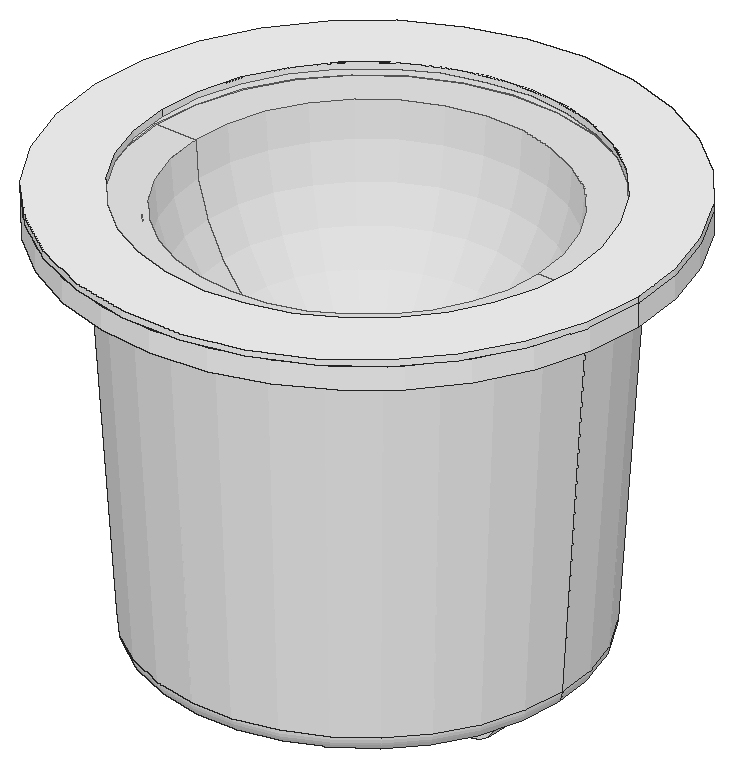
Revit family "2058901 Feilo Sylvania Lighting Fixture MYRD IP FL 4K DALI BLK WBEZ", category Lighting Fixtures, host Face, Revit 2017
Family settings
  Host = Face
  Round Connector Dimension = Use Diameter
  Part Type = Normal
  OmniClass Number = 23.80.70.11.17
  OmniClass Title = Specialized Lighting by Location or Use
  Cut with Voids When Loaded = No
  Light Source = Yes
  Shared = No
  Room Calculation Point = No
Parameters
  Weight = "0.44 kg"
  Wattage = 10 W
  WarrantyStartDate [instance] = "n/a"
  WarrantyGuarantorParts = "n/a"
  WarrantyDurationUnit = "n/a"
  WarrantyDurationParts = "n/a"
  WarrantyDescription = "n/a"
  built-in parameter 1150110 = 1 (stored number, unit not read)
  Voltage = 230 V
  URL = "http://www.sylvania-lighting.com"
  TypeName = "MYRD IP FL 4K DALI BLK WBEZ"
  Type Image = 0
  Type Comments = ""
  built-in parameter 1114217 = 1 (stored number, unit not read)
  Tilt Angle = -90°
  built-in parameter 1150109 = 1 (stored number, unit not read)
  built-in parameter 1150134 = 12
  built-in parameter 1150113 = 1 (stored number, unit not read)
  SerialNumber [instance] = "n/a"
  Reflector Radius = Cutout Diameter / 2 - 2.5 mm  # 35.0 mm
  Reflector Material = Aluminum_Sylvania_Myriad_Bright
  Recessed Depth = Height  # 72.0 mm
  PowerFactor = 0
  PowerConsumption = "10 W"
  Photometric Web File = ""
  NominalWidth = 0.0 mm
  NominalLength = 76.0 mm
  NominalHeight = 72.0 mm
  Name = "MYRD IP FL 4K DALI BLK WBEZ"
  ModelReference = "MYRD IP FL 4K DALI BLK WBEZ"
  ModelNumber = "2058901"
  Material = "Aluminium"
  ManufacturerName = "Feilo Sylvania"
  LuminousEfficacy = "98 lm/W"
  LuminaireType = "Ceiling recessed"
  LightOutputRatio = "1"
  LampsType = Lamp  # "LED"
  LampNominalLuminous = "977 lm"
  LampMacAdamStep = "n/a"
  LampColourTemperature = "4000 K"
  LampColourRenderingIndex = "n/a"
  Keynote = "16500"
  Keynote_2 = "16500"
  InstallationDate [instance] = "n/a"
  InputVoltage = "230-240V~"
  InputNominalFrequency = "50/60 Hz"
  IngressProtection = "IP65"
  ImpactProtectionIndex = "IK02"
  IfcExportType = "IfcLightFixtureType"
  IfcExportAs = "IfcLightFixtureType"
  Height = 72.0 mm  # constant formula
  ExpectedLife = 50000
  Emit from Circle Diameter = Accessory Inner Diameter 2  # 68.0 mm
  Emit Shape Visible in Rendering = no
  ElectricShockClassification = "Class II"
  DurationUnit = "hours"
  DocumentationLiterature = "http://www.sylvania-lighting.com/product/en-int/products/2058901"
  DimmingControlOptions = "Dimmable"
  Diffuser Material = Glass_Sylvania_Myriad_Clear_4000K
  Diffuser Diameter = Cutout Diameter  # 75.0 mm
  Cutout Diameter = 75.0 mm  # constant formula
  CreatedOn = "03-11-2017"
  CreatedBy = ""
  Cost = 0
  built-in parameter 1114216 [instance] = 1 (stored number, unit not read)
  built-in parameter 1150142 = (empty or 0)
  Model = "MYRD IP FL 4K DALI BLK WBEZ"
  Manufacturer = "Feilo Sylvania"  # constant formula
  built-in parameter 1150105 = 77.986 (stored number, unit not read)
  Lumens = 980 lm
  built-in parameter 1150115 = 1 (stored number, unit not read)
  built-in parameter 1150137 = (empty or 0)
  built-in parameter 1150139 = (empty or 0)
  built-in parameter 1150112 = 1 (stored number, unit not read)
  built-in parameter 1150114 = 1 (stored number, unit not read)
  Lamp = "LED"
  built-in parameter 1150132 = (empty or 0)
  built-in parameter 1150102 = (empty or 0)
  built-in parameter 1150107 = 4000 (stored number, unit not read)
  built-in parameter 1150138 = (empty or 0)
  built-in parameter 1150106 = 0.77986 (stored number, unit not read)
  built-in parameter 1150104 = 9.1045 (stored number, unit not read)
  Dimming Lamp Color Temperature Shift = (empty or 0)
  Description = "Supplied complete with electronic control gear Compact Fluorescent low energy downlight Emergency version passes through the cut out Ideal for low level orientation lighting New range of Architectural accessories each providing a different lit dimension New completely flush plaster up accessory ring for clean ceiling lines and smooth finish Order lamp separately"  # constant formula
  Default Elevation = 0.0 mm
  Color Filter = 16777215
  built-in parameter 1140040 [instance] = 1
  Body Radius = Reflector Radius + 1.5 mm  # 36.5 mm
  Body Material = Aluminum_Sylvania_Myriad_Gray
  BarCode [instance] = "n/a"
  built-in parameter 1114218 = 1 (stored number, unit not read)
  built-in parameter 1150133 = 10 (stored number, unit not read)
  AssetType = "Fixed"
  AssetIdentifier [instance] = "n/a"
  Assembly Code = "D5020200"
  Apparent Load = 10 VA
  Accessory Material = Aluminum_Sylvania_Myriad_White
  Accessory Inner Diameter 2 = Accessory Diameter - 22.0 mm  # 68.0 mm
  Accessory Inner Diameter 1 = Accessory Diameter - 2.0 mm  # 88.0 mm
  Accessory Diameter = Cutout Diameter + 15.0 mm  # 90.0 mm
Reference planes
  plane 1 "Center (Front/Back)": y = 0
  plane 2: z = 0
  plane 3 "Center (Left/Right)": x = 0
  plane 4: z = 2
  plane 5 "Fixture Bottom": z = 4.5
  plane 6: z = -28.5
  plane 7: z = -61.5
  plane 8 "Fixture Top": z = -67.5
  plane 9: z = 3.5
Forms (mm)
  Revolve 1, solid, material "Aluminum_Sylvania_Myriad_Bright" <- "Reflector Material", detail levels fine
    sketch origin (0, 0, 0) x (1, 0, 0) y (0, 0, 1)
      loop
        line (0, -27.515) -> (-6, -27.515)
        arc (-6, -27.515) -> (-22.333, -16.632) -> (-28.5, 2) r 30.135
        line (-28.5, 2) -> (-35, 2) -> (-35, 0) -> (-29.184, 0)
        arc (-29.184, 0) -> (-22.423, -18.18) -> (-6, -28.5) r 30.204
        line (-6, -28.5) -> (0, -28.5) -> (0, -27.515)
      axis (0, -28.5) -> (0, 2)
    angle from 0 to 360
  Revolve 2, solid, material "Aluminum_Sylvania_Myriad_Gray" <- "Body Material", detail levels fine
    sketch origin (0, 0, 0) x (1, 0, 0) y (0, 0, 1)
      loop
        line (-44, 2) -> (-44, 0) -> (-36.5, 0) -> (-32.42, -58.708)
        arc (-32.42, -58.708) -> (-31.474, -60.694) -> (-29.428, -61.5) r 3
        line (-29.428, -61.5) -> (0, -61.5) -> (0, -28.5) -> (-6, -28.5)
        arc (-6, -28.5) -> (-22.423, -18.18) -> (-29.184, 0) r 30.204
        line (-29.184, 0) -> (-35, 0) -> (-35, 2) -> (-44, 2)
      axis (0, 2) -> (0, -61.5)
    angle from 0 to 360
  Extrusion 3, solid, material "Aluminum_Sylvania_Myriad_Gray" <- "Body Material", detail levels fine
    sketch origin (0, 0, 0) x (1, 0, 0) y (0, 0, 1)
      loop
        line (-13.5, -67.5) -> (21, -67.5)
        arc (21, -67.5) -> (23.828, -66.328) -> (25, -63.5) r 4
        line (25, -63.5) -> (25, -61.5) -> (-17.5, -61.5) -> (-17.5, -63.5)
        arc (-17.5, -63.5) -> (-16.328, -66.328) -> (-13.5, -67.5) r 4
    from -4.5 to 4.5
  Extrusion 4, solid, material "Aluminum_Sylvania_Myriad_White" <- "Accessory Material", detail levels fine
    sketch origin (0, 0, 0) x (1, 0, 0) y (0, 1, 0)
      loop
        circle (0, 0) r 45
      loop
        circle (0, 0) r 44
    from 0 to 3.5
  Extrusion 5, solid, material "Aluminum_Sylvania_Myriad_White" <- "Accessory Material", detail levels fine
    sketch origin (0, 0, 0) x (1, 0, 0) y (0, 1, 0)
      loop
        circle (0, 0) r 45
      loop
        circle (0, 0) r 34
    from 3.5 to 4.5
  Extrusion 6, solid, material "Aluminum_Sylvania_Myriad_White" <- "Accessory Material", detail levels coarse+medium
    sketch origin (0, 0, 0) x (1, 0, 0) y (0, 1, 0)
      loop
        circle (0, 0) r 45
    from 0 to 4.5
  Revolve 7, solid, detail levels coarse+medium
    sketch origin (0, 0, 0) x (1, 0, 0) y (0, 0, 1)
      loop
        line (36.5, 0) -> (0, 0) -> (0, -61.5) -> (32.226, -61.5) -> (36.5, 0)
      axis (0, 0) -> (0, -61.5)
    angle from 0 to 360
  Extrusion 8, void
    sketch origin (0, 0, 0) x (1, 0, 0) y (0, 1, 0)
      loop
        circle (0, 0) r 37.5
    from -67.5 to 0
  Extrusion 9, solid, material "Glass_Sylvania_Myriad_Clear_4000K" <- "Diffuser Material", detail levels fine
    sketch origin (0, 0, 0) x (1, 0, 0) y (0, 1, 0)
      loop
        circle (0, 0) r 37.5
    from 2 to 3.5
Cuts and joins
  joined: Extrusion 4, Extrusion 5
Lines and regions (mm)
  Masking region 1
    outline origin (0, 0, 0) x (1, 0, 0) y (0, 1, 0)
      loop
        circle (0, 0) r 45
  symbolic lines
    curve 1: arc (-34, 0, 0) -> (0, 34, 0) -> (34, 0, 0) r 34
    curve 2: arc (34, 0, 0) -> (0, -34, 0) -> (-34, 0, 0) r 34
Dimensions and locks
  locked: plane 7 to plane 8 "Fixture Top" at 6
  "Body Radius": Revolve 7 sketch curve to plane 3 "Center (Left/Right)"
  locked: Revolve 7 sketch curve to Revolve 7 sketch curve at 4.274
  plane 5 "Fixture Bottom" to plane 9 to plane 4 to plane 2 to plane 6 = 1.0 mm locked, 1.5 mm locked, 2.0 mm locked, 28.5 mm locked
  "Reflector Radius": Revolve 1 sketch curve to plane 3 "Center (Left/Right)"
  Revolve 1 sketch curve to Revolve 1 sketch curve to Revolve 1 sketch curve to Revolve 1 sketch curve = 6.5 mm locked, 22.5 mm locked, 0.0 mm locked
  "Reflector Radius": plane 3 "Center (Left/Right)" to Revolve 2 sketch curve
  Revolve 2 sketch curve to Revolve 2 sketch curve to Revolve 2 sketch curve = 7.5 mm locked, 1.5 mm locked
  Revolve 2 sketch curve to Revolve 2 sketch curve to Revolve 2 sketch curve = 5.816 mm locked, 23.184 mm locked
  Revolve 2 sketch curve to Revolve 2 sketch curve to Revolve 2 sketch curve = 2.58 mm locked, 2.993 mm locked
  "Accessory Diameter": diameter of Extrusion 4 sketch curve
  "Accessory Inner Diameter 1": diameter of Extrusion 4 sketch curve
  "Accessory Diameter": diameter of Extrusion 5 sketch curve
  "Accessory Diameter": diameter of Extrusion 6 sketch curve
  "Cutout Diameter": diameter of Extrusion 8 sketch curve
  "Accessory Inner Diameter 2": diameter of Extrusion 5 sketch curve
  "Diffuser Diameter": diameter of Extrusion 9 sketch curve
  aligned and locked: plane 2 to host face
  aligned and locked: level to host face
  aligned and locked: plane 1 "Center (Front/Back)" to imposter light
  aligned and locked: plane 3 "Center (Left/Right)" to imposter light
  aligned and locked: Revolve 1 sketch curve to imposter light
  aligned and locked: Extrusion 3 sketch curve to plane 8 "Fixture Top"
  aligned and locked: plane 7 to Extrusion 3 sketch curve
  aligned and locked: Extrusion 4 to plane 2
  aligned and locked: plane 9 to Extrusion 4
  aligned and locked: Extrusion 5 to plane 9
  aligned and locked: plane 5 "Fixture Bottom" to Extrusion 5
  aligned and locked: Extrusion 6 to plane 2
  aligned and locked: plane 5 "Fixture Bottom" to Extrusion 6
  aligned and locked: Extrusion 8 to plane 8 "Fixture Top"
  aligned and locked: plane 2 to Extrusion 8
  aligned and locked: Masking region 1 sketch curve to Extrusion 6  (x2)
  aligned and locked: Extrusion 9 to plane 4
  aligned and locked: plane 9 to Extrusion 9
  aligned and locked: plane 4 to Revolve 2 sketch curve
  aligned and locked: Revolve 2 sketch curve to plane 2
  aligned and locked: curve 1 to cut or joined group of Extrusion 4, Extrusion 5
  aligned and locked: curve 2 to cut or joined group of Extrusion 4, Extrusion 5
  aligned and locked: imposter light to plane 5 "Fixture Bottom"
Automatic sketch dimensions
  host sketch curve to host sketch curve = 1305.563 mm
  host sketch curve to host sketch curve = 1283.632 mm
  Extrusion 3 sketch curve to plane 7 = 2.0 mm
  Extrusion 3 sketch curve to plane 3 "Center (Left/Right)" = 13.5 mm
  plane 3 "Center (Left/Right)" to Extrusion 3 sketch curve = 21.0 mm
  Extrusion 3 sketch curve to Extrusion 3 sketch curve = 4.0 mm
  Revolve 1 sketch curve to level = 0.0 mm
  Revolve 1 sketch curve to plane 3 "Center (Left/Right)" = 0.0 mm
  Revolve 1 sketch curve to plane 6 = 0.0 mm
  Revolve 1 sketch curve to plane 4 = 0.0 mm
  Revolve 1 sketch curve to Revolve 1 sketch curve = 0.684 mm
  level to Revolve 1 sketch curve = 0.88 mm
  Revolve 1 sketch curve to plane 4 = 0.363 mm
  Revolve 1 sketch curve to Revolve 1 sketch curve = 0.625 mm
  Revolve 1 sketch curve to plane 8 "Fixture Top" = 232.8 mm
  plane 5 "Fixture Bottom" to Revolve 1 sketch curve = 291.243 mm
  Revolve 2 sketch curve to plane 3 "Center (Left/Right)" = 0.0 mm  (x2)
  Revolve 2 sketch curve to plane 7 = 0.0 mm
  Revolve 2 sketch curve to plane 6 = 0.0 mm
  Revolve 2 sketch curve to level = 0.0 mm
  level to Revolve 2 sketch curve = 0.88 mm
  plane 7 to Revolve 2 sketch curve = 2.792 mm
  Revolve 2 sketch curve to plane 8 "Fixture Top" = 304.774 mm
  plane 5 "Fixture Bottom" to Revolve 2 sketch curve = 1137.105 mm
  Extrusion 4 sketch curve to Extrusion 4 sketch curve = 0.0 mm  (x2)
  plane 1 "Center (Front/Back)" to Extrusion 4 sketch curve = 0.0 mm
  Extrusion 4 sketch curve to plane 3 "Center (Left/Right)" = 0.0 mm
  Extrusion 5 sketch curve to Extrusion 5 sketch curve = 0.0 mm  (x2)
  plane 1 "Center (Front/Back)" to Extrusion 5 sketch curve = 0.0 mm
  Extrusion 5 sketch curve to plane 3 "Center (Left/Right)" = 0.0 mm
  plane 1 "Center (Front/Back)" to Extrusion 6 sketch curve = 0.0 mm
  Extrusion 6 sketch curve to plane 3 "Center (Left/Right)" = 0.0 mm
  Revolve 7 sketch curve to level = 0.0 mm
  Revolve 7 sketch curve to plane 3 "Center (Left/Right)" = 0.0 mm  (x2)
  Revolve 7 sketch curve to plane 7 = 0.0 mm
  Revolve 7 sketch curve to plane 8 "Fixture Top" = 304.774 mm
  plane 5 "Fixture Bottom" to Revolve 7 sketch curve = 43.226 mm
  plane 1 "Center (Front/Back)" to Extrusion 8 sketch curve = 0.0 mm
  Extrusion 8 sketch curve to plane 3 "Center (Left/Right)" = 0.0 mm
  plane 1 "Center (Front/Back)" to Extrusion 9 sketch curve = 0.0 mm
  Extrusion 9 sketch curve to plane 3 "Center (Left/Right)" = 0.0 mm
Connectors
  electrical at (-0.006, -0.019, -67.5), driven by "Apparent Load", driven by "Apparent Load"
    settings: on plane 8 "Fixture Top", index 1, voltage 230 V, apparent load 10 VA, apparent load phase1 10 VA, apparent load phase2 0 VA, apparent load phase3 0 VA, power factor 1, load classification "Lighting", number of poles 1, system type 30, power factor state 1, is connector primary yes, connector utility no, sub classification motor no, connector description ""
